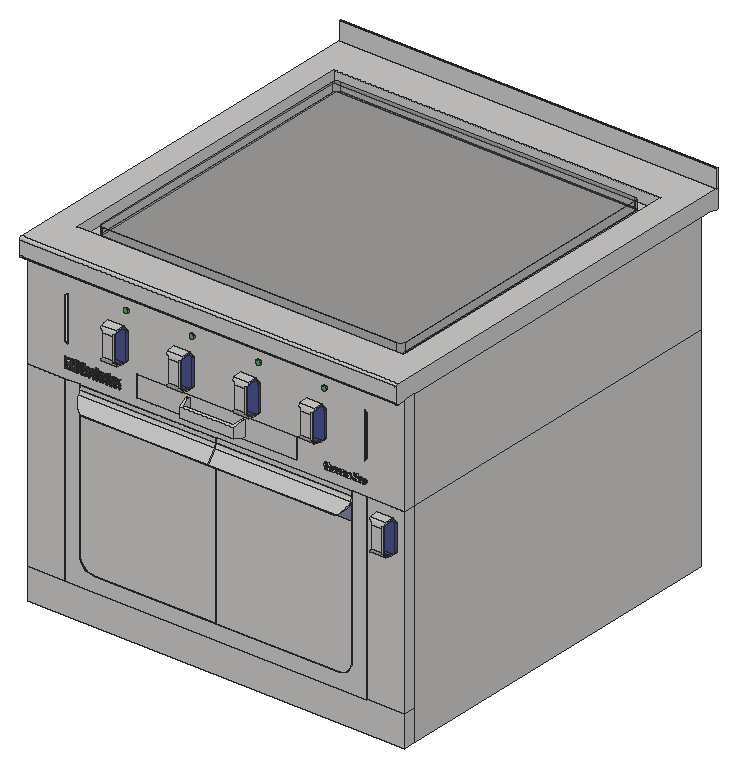
Revit family "QF_ELECTROLUXPROFESSIONAL_588704_MBLPGBH4AO", category Attrezzature speciali, Revit 2020 (continued)
Definition of nested family "Front_Panel_W800_Four Knobs_Spie"
  Definition of nested family "ELX_Professional_Logo_Small"
    Forms (mm)
      Extrusion 2, solid, material <- "Material_Logo"
        sketch origin (15.5, 0, 0) x (1, 0, 0) y (0, 1, 0)
          loop
            circle (-29.965, -8.325) r 1.64
          loop
            line (-23.1, -5.837) -> (-23.1, -10.814) -> (-22.076, -10.814) -> (-22.076, -8.768) -> (-20.204, -8.768) -> (-20.204, -7.828) -> (-22.076, -7.828) -> (-22.076, -6.778) -> (-20.024, -6.778) -> (-20.024, -5.837) -> (-23.1, -5.837)
          loop
            line (-15.802, -5.837) -> (-15.802, -9.2)
            arc (-15.802, -9.2) -> (-15.343, -10.34) -> (-14.209, -10.814) r 1.593
            line (-14.209, -10.814) -> (-12.602, -10.814) -> (-12.602, -10.027) -> (-14.004, -10.027)
            arc (-14.004, -10.027) -> (-14.552, -9.8) -> (-14.779, -9.252) r 0.775
            line (-14.779, -9.252) -> (-14.779, -8.424) -> (-12.789, -8.424) -> (-12.789, -7.642) -> (-14.779, -7.642) -> (-14.779, -6.778) -> (-12.651, -6.778) -> (-12.651, -5.837) -> (-15.802, -5.837)
          loop
            line (-5.909, -7.143) -> (-5.173, -6.638)
            arc (-5.173, -6.638) -> (-5.855, -5.974) -> (-6.781, -5.755) r 1.782
            arc (-6.781, -5.755) -> (-7.397, -5.878) -> (-7.944, -6.189) r 1.974
            arc (-7.944, -6.189) -> (-8.202, -6.5) -> (-8.317, -6.888) r 1.013
            arc (-8.317, -6.888) -> (-8.306, -7.341) -> (-8.192, -7.78) r 1.985
            arc (-8.192, -7.78) -> (-7.749, -8.259) -> (-7.171, -8.563) r 1.928
            arc (-7.171, -8.563) -> (-6.637, -8.779) -> (-6.131, -9.056) r 5.041
            arc (-6.131, -9.056) -> (-5.934, -9.387) -> (-6.09, -9.74) r 0.42
            arc (-6.09, -9.74) -> (-6.631, -9.96) -> (-7.204, -9.845) r 1.016
            arc (-7.204, -9.845) -> (-7.625, -9.603) -> (-7.889, -9.196) r 1.033
            line (-7.889, -9.196) -> (-8.67, -9.686)
            arc (-8.67, -9.686) -> (-8.361, -10.198) -> (-7.908, -10.589) r 1.914
            arc (-7.908, -10.589) -> (-7.334, -10.834) -> (-6.714, -10.896) r 2.063
            arc (-6.714, -10.896) -> (-5.947, -10.743) -> (-5.256, -10.376) r 2.696
            arc (-5.256, -10.376) -> (-4.95, -9.565) -> (-5.108, -8.712) r 1.618
            arc (-5.108, -8.712) -> (-5.448, -8.319) -> (-5.884, -8.035) r 1.876
            arc (-5.884, -8.035) -> (-6.434, -7.789) -> (-6.999, -7.577) r 9.883
            arc (-6.999, -7.577) -> (-7.325, -7.07) -> (-6.854, -6.694) r 0.45
            arc (-6.854, -6.694) -> (-6.329, -6.809) -> (-5.909, -7.143) r 1.197
          loop
            line (1.61, -7.143) -> (2.345, -6.638)
            arc (2.345, -6.638) -> (1.663, -5.974) -> (0.737, -5.755) r 1.782
            arc (0.737, -5.755) -> (0.121, -5.878) -> (-0.425, -6.189) r 1.974
            arc (-0.425, -6.189) -> (-0.683, -6.5) -> (-0.799, -6.888) r 1.013
            arc (-0.799, -6.888) -> (-0.788, -7.341) -> (-0.674, -7.78) r 1.985
            arc (-0.674, -7.78) -> (-0.231, -8.259) -> (0.347, -8.563) r 1.928
            arc (0.347, -8.563) -> (0.881, -8.779) -> (1.387, -9.056) r 5.041
            arc (1.387, -9.056) -> (1.584, -9.387) -> (1.428, -9.74) r 0.42
            arc (1.428, -9.74) -> (0.887, -9.96) -> (0.314, -9.845) r 1.016
            arc (0.314, -9.845) -> (-0.107, -9.603) -> (-0.371, -9.196) r 1.033
            line (-0.371, -9.196) -> (-1.152, -9.686)
            arc (-1.152, -9.686) -> (-0.842, -10.198) -> (-0.39, -10.589) r 1.914
            arc (-0.39, -10.589) -> (0.184, -10.834) -> (0.804, -10.896) r 2.063
            arc (0.804, -10.896) -> (1.572, -10.743) -> (2.263, -10.376) r 2.696
            arc (2.263, -10.376) -> (2.568, -9.565) -> (2.411, -8.712) r 1.618
            arc (2.411, -8.712) -> (2.07, -8.319) -> (1.635, -8.035) r 1.876
            arc (1.635, -8.035) -> (1.084, -7.789) -> (0.519, -7.577) r 9.883
            arc (0.519, -7.577) -> (0.193, -7.07) -> (0.665, -6.694) r 0.45
            arc (0.665, -6.694) -> (1.189, -6.809) -> (1.61, -7.143) r 1.197
          loop
            line (6.801, -5.837) -> (6.801, -10.814) -> (7.825, -10.814) -> (7.825, -5.837) -> (6.801, -5.837)
          loop
            circle (14.724, -8.325) r 1.548
          loop
            circle (14.724, -8.325) r 2.585
          loop
            line (21.59, -10.814) -> (22.623, -10.814) -> (22.623, -7.685) -> (24.9, -10.814) -> (25.895, -10.814) -> (25.895, -5.837) -> (24.861, -5.837) -> (24.861, -9.061) -> (22.585, -5.837) -> (21.59, -5.837) -> (21.59, -10.814)
          loop
            line (31.054, -10.814) -> (31.539, -9.74) -> (33.38, -9.74) -> (33.865, -10.814) -> (34.965, -10.814) -> (32.46, -5.837) -> (29.956, -10.814) -> (31.054, -10.814)
          loop
            line (32.46, -7.698) -> (31.999, -8.719) -> (32.921, -8.719) -> (32.46, -7.698)
          loop
            line (40.047, -9.873) -> (40.047, -5.837) -> (39.024, -5.837) -> (39.024, -10.814) -> (41.961, -10.814) -> (41.961, -9.873) -> (40.047, -9.873)
          loop
            line (-74.986, -10.814) -> (-53.322, -10.814) -> (-53.322, 10.82) -> (-74.986, 10.82) -> (-74.986, -10.814)
          loop
            line (-61.261, 9.758) -> (-61.261, -9.707)
            arc (-61.261, -9.707) -> (-54.066, 0.025) -> (-61.261, 9.758) r 10.18
          loop
            line (-62.251, 8.349) -> (-62.251, 9.758)
            arc (-62.251, 9.758) -> (-70.347, 7.918) -> (-74.247, 0.59) r 9.976
            line (-74.247, 0.59) -> (-71.026, 0.59)
            arc (-71.026, 0.59) -> (-65.274, 2.925) -> (-62.251, 8.349) r 9.351
          loop
            arc (-74.247, -0.539) -> (-70.353, -7.928) -> (-62.251, -9.957) r 10.237
            line (-62.251, -9.957) -> (-62.251, -8.298)
            arc (-62.251, -8.298) -> (-65.274, -2.874) -> (-71.026, -0.539) r 9.351
            line (-71.026, -0.539) -> (-74.247, -0.539)
        from 0 to 1.644
    Dimensions and locks
      aligned and locked: plane 2 to Extrusion 1
      aligned and locked: level to Extrusion 1
Definition of nested family "H450H2_2DOOR"
  Parameters
    Width [instance] = 580 mm
    Wdoor [instance] = Width / 2  # 290 mm
    Show Clearance [instance] = yes
    Model = "727995"
    Height = 450 mm
    Default Elevation = 0 mm
  Reference planes
    plane 1 "Center (Front/Back)": y = 0
    plane 2: z = 0
    plane 3 "Center (Left/Right)": x = 36.042
    plane 4 "panel": z = 25
    plane 5: x = -253.958
    plane 6: x = 326.042
    plane 7: y = 450
    plane 8: z = 290
    plane 9: z = 45
  Forms (mm)
    Extrusion 1, solid
      sketch origin (0, -919.2, 0) x (1, 0, 0) y (0, 1, 0)
        loop
          line (-980.5, 2119.2) -> (-980.5, -162.846) -> (881.94, -162.846) -> (881.94, 2119.2) -> (-980.5, 2119.2)
      from 0 to -59.546
    Extrusion 2, solid
      sketch origin (0, 0, 0) x (1, 0, 0) y (0, 1, 0)
        loop
          line (324.042, 393) -> (37.042, 393) -> (37.042, 97) -> (294.042, 97)
          arc (294.042, 97) -> (315.255, 105.787) -> (324.042, 127) r 30
          line (324.042, 127) -> (324.042, 393)
        loop
          arc (-251.958, 127) -> (-243.171, 105.787) -> (-221.958, 97) r 30
          line (-221.958, 97) -> (35.042, 97) -> (35.042, 393) -> (-251.958, 393) -> (-251.958, 127)
      from 0 to 25
    Extrusion 3, solid
      sketch origin (0, 0, 0) x (1, 0, 0) y (0, 1, 0)
        loop
          line (-251.958, 393) -> (35.042, 393) -> (35.042, 440) -> (-251.958, 440) -> (-251.958, 393)
        loop
          line (37.042, 440) -> (37.042, 393) -> (324.042, 393) -> (324.042, 440) -> (37.042, 440)
      from 0 to 25
    Extrusion 4, solid
      sketch origin (5.581, 79.805, 0) x (1, 0, 0) y (0, 1, 0)
        loop
          line (-257.539, 360.195) -> (29.461, 360.195) -> (29.461, 370.195) -> (-257.539, 370.195) -> (-257.539, 360.195)
        loop
          line (31.461, 370.195) -> (31.461, 360.195) -> (318.461, 360.195) -> (318.461, 370.195) -> (31.461, 370.195)
      from 0 to 25
    Extrusion 5, solid
      sketch origin (36.042, 0, 0) x (0, 1, 0) y (0, 0, 1)
        loop
          line (426.693, 25) -> (440.02, 25)
          arc (440.02, 25) -> (435.261, 25.775) -> (430.993, 28.02) r 15
          line (430.993, 28.02) -> (406.653, 46.362) -> (403.644, 42.369) -> (426.693, 25)
      from 1 to 288
    Extrusion 6, solid
      sketch origin (36.042, 0, 0) x (0, 1, 0) y (0, 0, 1)
        loop
          line (426.693, 25) -> (440.02, 25)
          arc (440.02, 25) -> (435.261, 25.775) -> (430.993, 28.02) r 15
          line (430.993, 28.02) -> (406.653, 46.362) -> (403.644, 42.369) -> (426.693, 25)
      from -288 to -1
    Extrusion 7, void
      sketch origin (0, 0, 0) x (1, 0, 0) y (0, 1, 0)
        loop
          arc (324.042, 426.693) -> (314.508, 412.772) -> (300.317, 403.644) r 42.603
          line (300.317, 403.644) -> (324.042, 403.644) -> (324.042, 426.693)
      from 0 to 47.9
    Extrusion 8, void
      sketch origin (72.084, 0, 0) x (-1, 0, 0) y (0, -1, 0)
        loop
          line (324.042, -426.693) -> (324.042, -403.644) -> (300.317, -403.644)
          arc (300.317, -403.644) -> (314.508, -412.772) -> (324.042, -426.693) r 42.603
      from 0 to 47.9
    Extrusion 9, solid, detail levels coarse
      sketch origin (0, 0, 0) x (1, 0, 0) y (0, 0, 1)
        loop
          arc (36.042, 25) -> (-41.575, 212.383) -> (-228.958, 290) r 265
          line (-228.958, 290) -> (-228.958, 25) -> (36.042, 25)
      from -450 to -97
    Extrusion 10, solid, detail levels coarse
      sketch origin (0, 0, 0) x (1, 0, 0) y (0, 0, 1)
        loop
          arc (301.042, 290) -> (113.659, 212.383) -> (36.042, 25) r 265
          line (36.042, 25) -> (301.042, 25) -> (301.042, 290)
      from -450 to -97
  Cuts and joins
    Extrusion 8 cuts Extrusion 6
    Extrusion 7 cuts Extrusion 5
  Lines and regions (mm)
    symbolic lines
      curve 1: line (326.042, 0, 45) -> (326.042, 0, 290)
      curve 2: line (301.042, 0, 45) -> (301.042, 0, 290)
      curve 3: line (326.042, 0, 290) -> (301.042, 0, 290)
      curve 4: line (-253.958, 0, 45) -> (-253.958, 0, 290)
      curve 5: line (-228.958, 0, 45) -> (-228.958, 0, 290)
      curve 6: line (-253.958, 0, 290) -> (-228.958, 0, 290)
      curve 7: arc (301.042, 0, 290) -> (120.901, 0, 219.356) -> (36.804, 0, 45.088) r 265
      curve 8: arc (35.286, 0, 44.997) -> (-48.783, 0, 219.325) -> (-228.958, 0, 290) r 265
  Dimensions and locks
    plane 4 "panel" to level = 25 mm
    "Width": plane 5 to plane 6
    equal spacing: plane 5, plane 3 "Center (Left/Right)", plane 6
    "Height": plane 1 "Center (Front/Back)" to plane 7
    locked: plane 5 to Extrusion 2 sketch curve at 2
    locked: Extrusion 2 sketch curve to plane 6 at 2
    locked: plane 1 "Center (Front/Back)" to Extrusion 2 sketch curve at 97
    locked: plane 7 to Extrusion 2 sketch curve at 57
    locked: Extrusion 2 sketch curve to plane 3 "Center (Left/Right)" at 1
    locked: plane 3 "Center (Left/Right)" to Extrusion 2 sketch curve at 1
    Extrusion 3 sketch curve to Extrusion 2 = 47 mm
    "Wdoor": plane 8 to level
    locked: curve 2 to curve 1 at 25
    locked: curve 5 to curve 4 at 25
    plane 4 "panel" to plane 9 = 20 mm
    aligned and locked: plane 2 to Extrusion 1
    aligned and locked: level to Extrusion 1
    aligned and locked: plane 4 "panel" to Extrusion 2
    aligned and locked: Extrusion 2 to Extrusion 3 sketch curve
    aligned and locked: Extrusion 3 sketch curve to Extrusion 2  (x2)
    aligned and locked: Extrusion 3 sketch curve to Extrusion 3 sketch curve
    aligned and locked: plane 4 "panel" to Extrusion 3
    aligned and locked: Extrusion 4 sketch curve to Extrusion 4 sketch curve
    aligned and locked: Extrusion 4 sketch curve to Extrusion 3  (x3)
    aligned and locked: Extrusion 3 to Extrusion 4 sketch curve
    aligned and locked: Extrusion 4 sketch curve to plane 7
    aligned and locked: Extrusion 3 to Extrusion 5
    aligned and locked: Extrusion 5 to Extrusion 3
    aligned and locked: Extrusion 6 to Extrusion 3
    aligned and locked: Extrusion 3 to Extrusion 6
    aligned and locked: Extrusion 7 sketch curve to Extrusion 5
    aligned and locked: Extrusion 8 to Extrusion 6
    aligned and locked: Extrusion 4 to Extrusion 8
    aligned and locked: Extrusion 2 to Extrusion 7
    aligned and locked: Extrusion 7 to Extrusion 5
    aligned and locked: Extrusion 4 to Extrusion 3  (x2)
    aligned and locked: Extrusion 3 to Extrusion 2
    aligned and locked: Extrusion 4 to Extrusion 2
    aligned and locked: curve 3 to plane 8
    aligned and locked: curve 1 to plane 6
    aligned and locked: curve 4 to plane 5
    aligned and locked: Extrusion 9 sketch curve to plane 4 "panel"
    aligned and locked: Extrusion 10 sketch curve to curve 7
    aligned and locked: Extrusion 10 sketch curve to curve 2
    aligned and locked: Extrusion 2 to Extrusion 9
    aligned and locked: Extrusion 2 to Extrusion 10
    aligned and locked: plane 7 to Extrusion 9
    aligned and locked: Extrusion 3 to Extrusion 4
  Automatic sketch dimensions
    Extrusion 1 sketch curve to Extrusion 1 sketch curve = 1862.44 mm
    Extrusion 1 sketch curve to Extrusion 1 sketch curve = 2282.046 mm
    Extrusion 2 sketch curve to Extrusion 2 sketch curve = 30 mm  (x2)
    Extrusion 2 sketch curve to plane 1 "Center (Front/Back)" = 97 mm
    Extrusion 2 sketch curve to Extrusion 2 sketch curve = 0 mm
    Extrusion 3 sketch curve to plane 3 "Center (Left/Right)" = 1 mm
    plane 5 to Extrusion 3 sketch curve = 2 mm
    Extrusion 3 sketch curve to Extrusion 3 sketch curve = 0 mm
    Extrusion 5 sketch curve to plane 4 "panel" = 0 mm
    plane 4 "panel" to Extrusion 5 sketch curve = 17.369 mm
    Extrusion 5 sketch curve to plane 7 = 46.356 mm
    plane 4 "panel" to Extrusion 5 sketch curve = 21.362 mm
    Extrusion 5 sketch curve to Extrusion 5 sketch curve = 3.009 mm
    plane 4 "panel" to Extrusion 5 sketch curve = 3.02 mm
    Extrusion 5 sketch curve to Extrusion 5 sketch curve = 9.027 mm
    Extrusion 6 sketch curve to plane 4 "panel" = 0 mm
    plane 4 "panel" to Extrusion 6 sketch curve = 17.369 mm
    Extrusion 6 sketch curve to plane 7 = 46.356 mm
    plane 4 "panel" to Extrusion 6 sketch curve = 21.362 mm
    Extrusion 6 sketch curve to Extrusion 6 sketch curve = 3.009 mm
    plane 4 "panel" to Extrusion 6 sketch curve = 3.02 mm
    Extrusion 6 sketch curve to Extrusion 6 sketch curve = 9.027 mm
    Extrusion 7 sketch curve to Extrusion 7 sketch curve = 23.725 mm
    Extrusion 7 sketch curve to plane 7 = 6.671 mm
    Extrusion 7 sketch curve to plane 6 = 41.221 mm
    Extrusion 7 sketch curve to plane 7 = 23.307 mm
    plane 7 to Extrusion 8 sketch curve = 6.671 mm
    Extrusion 8 sketch curve to plane 5 = 41.221 mm
    Extrusion 8 sketch curve to plane 5 = 25.725 mm
    Extrusion 8 sketch curve to plane 5 = 2 mm
    plane 7 to Extrusion 8 sketch curve = 23.307 mm
    Extrusion 4 sketch curve to Extrusion 4 sketch curve = 10 mm
    Extrusion 4 sketch curve to plane 7 = 10 mm
    curve 2 to plane 9 = 0 mm
    curve 5 to plane 9 = 0 mm
    curve 4 to plane 9 = 0 mm
    curve 1 to plane 9 = 0 mm
    curve 8 to plane 4 "panel" = 0 mm
    curve 5 to plane 8 = 0 mm
    curve 8 to plane 9 = 0.003 mm
    curve 7 to plane 4 "panel" = 0 mm
    plane 9 to curve 7 = 0.088 mm
Definition of nested family "Warm"
  Reference planes
    plane 1 "Center (Front/Back)": y = 0
    plane 2: z = 0
    plane 3 "Center (Left/Right)": x = 0
  Lines and regions (mm)
    detail lines, in view "Ref. Level"
      curve 1: circle (-165.742, 180.331, 0) r 45 normal (0, 0, 1)
      curve 2: line (-165.742, 125.331, 0) -> (-165.742, 80.331, 0)
      curve 3: line (-165.742, 235.331, 0) -> (-165.742, 280.331, 0)
      curve 4: line (-105.742, 180.331, 0) -> (-65.742, 180.331, 0)
      curve 5: line (-220.742, 180.331, 0) -> (-265.742, 180.331, 0)
      curve 6: line (-126.851, 141.44, 0) -> (-95.031, 109.62, 0)
      curve 7: line (-204.632, 219.221, 0) -> (-236.452, 251.041, 0)
      curve 8: line (-126.851, 219.221, 0) -> (-95.031, 251.041, 0)
      curve 9: line (-204.632, 141.44, 0) -> (-236.452, 109.62, 0)
